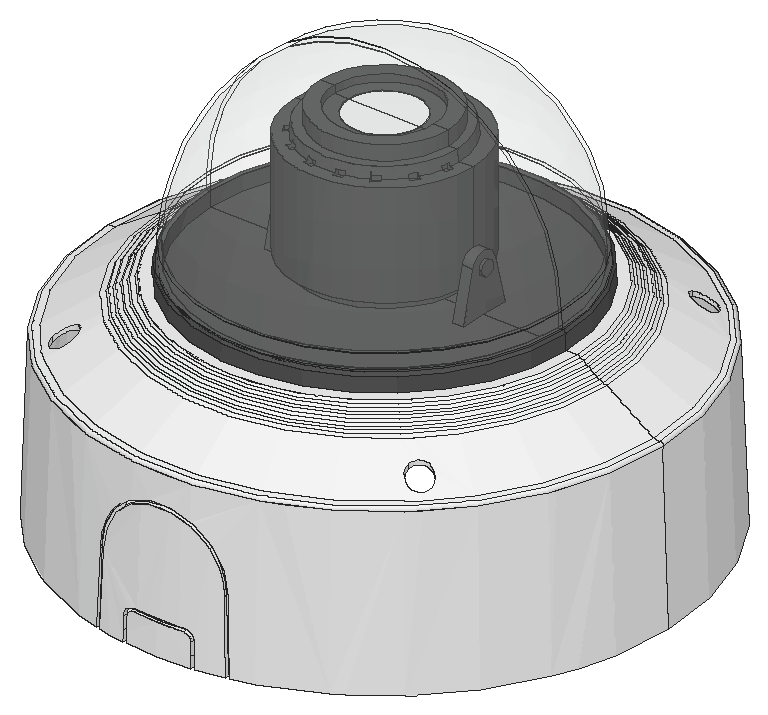
Revit family "Camera-Security-HanwhaTechwin-Dome-Wisenet X-XND-C8083RV_mm", category Security Devices, host Face, Revit 2016
Family settings
  Host = Face
  Maintain Annotation Orientation = Yes
  Part Type = Normal
  Round Connector Dimension = Use Diameter
  OmniClass Number = 23.85.30.17.14
  OmniClass Title = Video Surveillance
  Cut with Voids When Loaded = No
  Shared = No
  Room Calculation Point = No
Parameters (values of type "Standard")
  zz Length 3 [instance] = if(1 = 1, View Distance + 38.887 mm, View Distance + 38.887 mm)  # 952.887 mm
  zz Length 2 [instance] = tan(Field of View Horizontal / 2) * View Distance  # 1357.615 mm
  zz Length 1 [instance] = tan(Field of View Vertical / 2) * View Distance  # 506.638 mm
  zz Angle 4 [instance] = if(1 = 1, Camera Shield Rotation, Camera Shield Rotation)  # 0.00°
  zz Angle 3 [instance] = Camera Tilt + 90.00°  # 90.00°
  zz Angle 2 [instance] = 90.00° - Camera Shield Rotation  # 90.00°
  zz Angle 1 [instance] = if(1 = 1, Camera Base Rotation + 270.00°, Camera Base Rotation + 270.00°)  # 270.00°
  Wide Dynamic Range [instance] = "extremeWDR (120dB)"  # constant formula
  White Balance [instance] = "ATW / Narrow ATW / AWC / Manual / Indoor / Outdoor"  # constant formula
  Webpage Language [instance] = "English, Korean, Chinese, French, Italian, Spanish, German, Japanese, Russian, Swedish,, Portuguese, Czech, Polish, Turkish, Dutch, Greek, Hungarian"  # constant formula
  WarrantyStartDate [instance] = "1900-12-31T23:59:59"
  WarrantyGuarantorParts [instance] = ""
  WarrantyGuarantorLabor [instance] = ""
  WarrantyDurationUnit [instance] = "year"
  WarrantyDurationParts [instance] = ""
  WarrantyDurationLabor [instance] = ""
  WarrantyDescription [instance] = ""
  Voltage [instance] = 12 V
  View Distance [instance] = 914 mm
  Video out [instance] = "USB: Micro USB Type B, 1280x720 for installation"  # constant formula
  Video Rotation [instance] = "Flip, Mirror, Hallway view(90°/270°)"  # constant formula
  Video Compression [instance] = "H.265/H.264: Main/High, MJPEG"  # constant formula
  Version [instance] = "1"
  Unit Conversion [instance] = 1000 mm
  Uniclass2 [instance] = "Pr_60_75_75_86_86"
  URL = "https://www.hanwha-security.com"
  TagNumber [instance] = ""
  SustainabilityPerformance [instance] = ""
  Streaming [instance] = "Unicast(20 users) / Multicast\nMultiple streaming(Up to 10 profiles, 3 virtual channel support)"  # constant formula
  Storage Temperature . Humidity [instance] = "-50°C ~ +60°C(-58°F ~ +140°F) / Less than 90% RH"  # constant formula
  Smart Codec [instance] = "Manual(5ea area), WiseStreamⅡ, WiseStreamⅢ(Based on AI engine)"  # constant formula
  Size [instance] = "Ø160 x 118mm(Ø6.30\" x 4.65\")"
  Shape [instance] = "Dome"
  SerialNumber [instance] = ""
  Security [instance] = "HTTPS(SSL) Login Authentication Digest Login Authentication\nIP Address Filtering User access log\n802.1X Authentication(EAP-TLS, EAP-LEAP, EAP-PEAP MSCHAPv2)\nDevice Certificate(Hanwha Techwin Root CA, pre-installed) Secure by default certificate\nHTPM (Hanwha Trusted platform module) Secure OS/Boot/Storage, Verify firmware forgery\nCyberSecurity assuarance program UL CAP (UL 2900-1)"  # constant formula
  Revision [instance] = ""
  Resolution [instance] = "3328x1872, 3072x1728, 2592x1944, 2688x1520, 1920x1080, 1600x1200, 1280x1024,\n1280x960, 1280x720, 1024x768, 800x600, 800x448, 720x576, 720x480, 640x480,\n640x360, 320x240"  # constant formula
  ReplacementCost [instance] = ""
  Recognize .125PPM 38PPF. [instance] = "Wide: 9.0m(29.4ft) / Tele: 30.3m(99.26ft)"  # constant formula
  RAL Code [instance] = "RAL9003"  # constant formula
  Protocol [instance] = "IPv4, IPv6, TCP/IP, UDP/IP, RTP(UDP), RTP(TCP), RTCP,RTSP, NTP, HTTP, HTTPS, SSL/TLS, DHCP, FTP, SMTP,\nICMP, IGMP, SNMPv1/v2c/v3(MIB-2), ARP, DNS, DDNS, QoS, UPnP, Bonjour, LLDP, SRTP\n(TCP, UDP Unicast)"  # constant formula
  ProductInformation [instance] = ""
  Product dimensions . weight [instance] = "Ø160x118mm(Ø6.30x4.65.), 1350g(2.98 lb)"  # constant formula
  Product Page URL = "https://www.hanwha-security.com/en/products/camera/network/dome/XND-C8083RV/overview/"
  Product Material = Aluminum - HanwhaTechwin - White
  Product Documentation Link = "https://www.hanwha-security.com/en/products/camera/network/dome/XND-C8083RV/download/"
  Privacy Masking [instance] = "32ea, Quadrangle zones\n- Color : Gray, Green, Red, Blue, Black, White\n- Mosaic"  # constant formula
  Power Consumption [instance] = "PoE: Max 12.95W, typical 11.2W 12VDC: Max 13.2W, typical 10.8W"  # constant formula
  Pan. Tilt. Rotate Range [instance] = "0°~360° / -45°~75° / 0°~355°"  # constant formula
  Operating Temperature . Humidity [instance] = "-10 °C ~ 50 °C(14°F ~ +122°F)\n* Maximum temperature : +55°C (intermittent) 0~95% RH(non-condensing)\nHumidity control /w GORE vent"  # constant formula
  Observe .63PPM 19PPF. [instance] = "Wide: 17.9m(58.81ft) / Tele: 60.5m(198.52ft)"  # constant formula
  NominalWidth [instance] = "Ø160mm (Ø6.30\")"
  NominalLength [instance] = "Ø160mm (Ø6.30\")"
  NominalHeight [instance] = "118mm (4.65\")"
  Name [instance] = "XND-C8083RV"
  NBSTypeID [instance] = ""
  NBSReference [instance] = ""
  NBSOfficeMasterTag [instance] = ""
  NBSNote [instance] = ""
  NBSDescription [instance] = ""
  NBSCertification [instance] = ""
  Motion Detection [instance] = "8ea, 8point Polygonal zones"  # constant formula
  ModelReference [instance] = "Hanwha Techwin"
  ModelNumber [instance] = "XND-C8083RV"
  Model = "XND-C8083RV"  # constant formula
  Min. Object Distance [instance] = "0.5m(1.64ft)"  # constant formula
  Min. Illumination [instance] = "Color: 0.04Lux(F1.3, 1/30sec, 30IRE)\nB/W : 0.004Lux(F1.3, 1/30sec, 30IRE), 0Lux(IR LED on)"  # constant formula
  Memory [instance] = "4GB RAM, 512MB Flash"  # constant formula
  Max. Framerate [instance] = "H.265/H.264: Max. 30fps/25fps(60Hz/50Hz) MJPEG: Max. 15fps/12fps(60Hz/50Hz)"  # constant formula
  Max. Aperture Ratio [instance] = "F1.3(Wide) ~ F2.15(Tele)"  # constant formula
  Max Resolution [instance] = 3328
  Material [instance] = "Aluminum"
  ManufacturerURL [instance] = "https://www.hanwha-security.com"
  ManufacturerName [instance] = "HanwhaTechwin"
  Manufacturer = "Hanwha Techwin"  # constant formula
  Lens Type [instance] = "P-iris(IR corrected)"  # constant formula
  LDC [instance] = "Support (Fill/stretch mode)"  # constant formula
  InstallationDate [instance] = "1900-12-31T23:59:59"
  Input Voltage. Current [instance] = "PoE(IEEE802.3af, Class3), 12VDC"  # constant formula
  Imaging Device [instance] = "1/1.8. progressive CMOS"  # constant formula
  Identify .250PPM 76PPF. [instance] = "Wide: 4.5m(14.7ft) / Tele: 15.1m(49.63ft)"  # constant formula
  IR Viewable Length [instance] = "WiseIR 40m(131.23ft)"  # constant formula
  Grade [instance] = ""
  Gain Control [instance] = "Support"  # constant formula
  Focus Control [instance] = "Simple focus, Manual"  # constant formula
  Focal Length Actual [instance] = if(Focal Length > 9.3 mm, 9.3 mm, if(Focal Length < 4.4 mm, 4.4 mm, Focal Length))  # 4.4 mm
  Focal Length .Zoom Ratio. [instance] = "4.4~9.3mm(2.1x) motorized varifocal"  # constant formula
  Focal Length [instance] = 4.4 mm
  FoV Hide Check [instance] = FoV Hide Check
  FoV Cross Check [instance] = FoV Cross Check
  Finish [instance] = ""
  Field of View_Recognize [instance] = Field of View_Recognize
  Field of View_Observe [instance] = Field of View_Observe
  Field of View_Identify [instance] = Field of View_Identify
  Field of View_Detect [instance] = Field of View_Detect
  Field of View is Visible_DORI [instance] = no
  Field of View is Visible [instance] = no
  Field of View Vertical [instance] = 58.00° + (26.60° - 58.00°) / (9.3 mm - 4.4 mm) * (Focal Length Actual - 4.4 mm)  # 58.00°
  Field of View Horizontal [instance] = 112.10° + (47.50° - 112.10°) / (9.3 mm - 4.4 mm) * (Focal Length Actual - 4.4 mm)  # 112.10°
  Field of View Diagonal [instance] = 137.50° + (54.60° - 137.50°) / (9.3 mm - 4.4 mm) * (Focal Length Actual - 4.4 mm)  # 137.50°
  Field of View [instance] = Field of View
  Features [instance] = "• 6MP resolution\r\n• 4.4~9.3mm (2.1x) motorized varifocal\r\n• Color: 0.04 Lux (F1.3, 1/30sec, 30IRE), 0 Lux (IR LED on)\r\n• Maximum 30 fps (H.265/H.264)\r\n• WiseIR: IR viewable length 40m (131.23 ft)\r\n• Day & Night (ICR), extremeWDR (120 dB)\r\n• Hard-coated dome bubble\r\n• WiseNRⅡ(Based on AI engine), WiseStreamⅢ (Based on AI engine)\r\n• DIS with built-in Gyro sensor\r\n• Analytics events based on AI engine (NPU) : Object detection (Person/Face/Vehicle - car, truck, bus, bicycle, motorcycle/License plate),\r\nIVA (Virtual line/Area, Enter/Exit, Loitering, Direction, Intrusion)\r\n• Analytics events : Defocus detection, Motion detection, Tampering, Fog detection\r\nAudio detection, Sound classification, Shock detection, Appear/Disappear\r\n• IP52, IK08"
  ExpectedLife [instance] = ""
  Ethernet [instance] = "Metal shielded RJ-45(10/100BASE-T)"  # constant formula
  Electronic Shutter Speed [instance] = "Minimum / Maximum / Anti flicker (2~1/12,000sec) prefer shutter control(Based on AI engine)"  # constant formula
  Edge Storage [instance] = "Micro SD/SDHC/SDXC 1slot 512GB"  # constant formula
  DurationUnit [instance] = "year"
  Distance Recognize [instance] = 1 / 2 * (Max Resolution / 125) / tan(Field of View Horizontal / 2) * Unit Conversion  # 8962.165 mm
  Distance Observe [instance] = 1 / 2 * (Max Resolution / 62.5) / tan(Field of View Horizontal / 2) * Unit Conversion  # 17924.33 mm
  Distance Identify [instance] = 1 / 2 * (Max Resolution / 250) / tan(Field of View Horizontal / 2) * Unit Conversion  # 4481.083 mm
  Distance Detect [instance] = 1 / 2 * (Max Resolution / 25) / tan(Field of View Horizontal / 2) * Unit Conversion  # 44810.826 mm
  Digital Noise Reduction [instance] = "WiseNRⅡ(Based on AI engine), SSNRⅤ"  # constant formula
  Digital Image Stabilization  [instance] = "Support(built-in gyro sensor)"  # constant formula
  Detect .25PPM 8PPF. [instance] = "Wide: 44.8m(147.02ft) / Tele: 151.3m(496.29ft)"  # constant formula
  Description = "NBS standard template for generic face-based components"  # constant formula
  Defog [instance] = "Support"  # constant formula
  Default Elevation = 1219.2 mm
  Day and Night [instance] = "Auto(ICR)"  # constant formula
  Constituents [instance] = ""
  Color [instance] = "White"
  CodePerformance [instance] = ""
  Certification [instance] = "IP52, IK08"  # constant formula
  Category [instance] = "6MP AI IR Dome Camera"
  Camera Title [instance] = "Displayed up to 85 characters"  # constant formula
  Camera Tilt Desired [instance] = 0.00°
  Camera Tilt [instance] = if(Camera Tilt Desired > 75.00°, 75.00°, if(Camera Tilt Desired < -45.00°, -45.00°, Camera Tilt Desired))  # 0.00°
  Camera Shield Rotation Desired [instance] = 0.00°
  Camera Shield Rotation [instance] = if(Camera Shield Rotation Desired > 355.00°, 355.00°, if(Camera Shield Rotation Desired < 0.00°, 0.00°, Camera Shield Rotation Desired))  # 0.00°
  Camera Base Rotation Desired [instance] = 0.00°
  Camera Base Rotation [instance] = if(Camera Base Rotation Desired > 360.00°, 360.00°, if(Camera Base Rotation Desired < 0.00°, 0.00°, Camera Base Rotation Desired))  # 0.00°
  Business Intelligence [instance] = "Based on AI engine : People counting, Queue management, Heatmap"  # constant formula
  Bitrate Control [instance] = "H.264/H.265: CBR or VBR MJPEG: VBR"  # constant formula
  Base Vertical Length [instance] = 5 mm
  Base Horizontal Length [instance] = 5 mm
  BarCode [instance] = ""
  Backlight Compensation [instance] = "BLC, HLC, WDR, SSDR"  # constant formula
  Author [instance] = ""
  Audio out [instance] = "Line out, Max.output level: 1Vrms"  # constant formula
  Audio In [instance] = "Selectable(mic in/line in)\nSupply voltage: 2.5VDC(4mA), Input impedance: 2K Ohm"  # constant formula
  Audio Compression [instance] = "G.711 u-law /G.726 Selectable G.726(ADPCM) 8KHz, G.711 8KHz\nG.726: 16Kbps, 24Kbps, 32Kbps, 40Kbps AAC-LC: 48Kbps at 16KHz"  # constant formula
  AssetType [instance] = "Fixed"
  AssetIdentifier [instance] = ""
  Application Programming Interface [instance] = "ONVIF Profile S/G/T SUNAPI(HTTP API)\nWisenet open platform"  # constant formula
  Angular Field of View [instance] = "H : 112.1°(Wide)~47.5°(Tele) V : 58.0°(Wide)~26.6°(Tele) D : 137.5°(Wide)~54.6°(Tele)"  # constant formula
  Analytics [instance] = "- Analytics events based on AI engine : Object detection (Person/Face/Vehicle(car/bus/truck/motorcycle/bicycle)/License plate), IVA (Virtual line/Area, Enter/Exit, Loitering, direction, Appear/Disappear, intrusion)\n- Analytics events : Defocus detection, Motion detection, Tampering, Fog detection, Audio detection, Sound classification, Shock detection"  # constant formula
  Alarm Triggers [instance] = "Analytics, Network disconnect, Alarm input, App event, Time schedule"  # constant formula
  Alarm I.O [instance] = "2 configurable I/O ports"  # constant formula
  Alarm Events [instance] = "When alarm trigger occurred\n- File upload(image) : e-mail/FTP\n- Notification : e-mail\n- Recording : SD/SDHC/SDXC or NAS recording at event triggers\n- Alarm output\n- Handover(PTZ preset, Send message by HTTP/HTTPS/TCP)\n- Audio clip playback"  # constant formula
  AccessibilityPerformance [instance] = ""
Reference planes
  plane 1 "Center (Front/Back)": y = 0
  plane 2: z = 0
  plane 3 "Center (Left/Right)": x = 0
  plane 4: z = 0
  plane 5 "A": z = 73
  plane 6: x = -80
  plane 7: x = 80
  plane 8: z = 118
  plane 9: x = -50
  plane 10: x = 50
  plane 11: z = 60
  plane 12: y = 25
  plane 13: z = 104
  plane 14: z = 73
  plane 15: z = 102
  plane 16: y = 80
  plane 17: y = -80
  plane 18: y = 50
  plane 19: y = -50
  plane 20: z = 65
  plane 21: z = 46.656
Forms (mm)
  Revolve 1, solid, material "Aluminum - HanwhaTechwin - White" <- "Product Material", detail levels fine
    sketch origin (0, 0, 0) x (1, 0, 0) y (0, 0, 1)
      loop
        line (-62.533, 54.98) -> (-75.88, 46.656) -> (-77.579, 46.351)
        arc (-77.579, 46.351) -> (-78.166, 46.025) -> (-78.415, 45.4) r 1
        line (-78.415, 45.4) -> (-80, 0) -> (0, 0) -> (0, 1) -> (-78.964, 1) -> (-77.415, 45.365) -> (-75.514, 45.706) -> (-54.198, 59) -> (-50.14, 59) -> (-50.14, 60) -> (-54.356, 60) -> (-55.012, 59.424) -> (-55.947, 59.023) -> (-56.624, 58.418) -> (-57.482, 58.05) -> (-58.111, 57.504) -> (-59.185, 57.011) -> (-59.847, 56.406) -> (-60.698, 56.074) -> (-61.334, 55.492) -> (-62.533, 54.98)
      axis (0, 60) -> (0, 0)
    angle from 0 to 360
  Extrusion 2, void, detail levels fine
    sketch origin (0, 0, 0) x (1, 0, 0) y (0, 0, 1)
      loop
        line (-18, 20) -> (-18.698, 0) -> (-17.698, 0) -> (-17, 19.979)
        arc (-17, 19.979) -> (-0.007, 36.993) -> (17, 19.993) r 17
        line (17, 19.993) -> (17.698, 0) -> (18.698, 0) -> (18, 20)
        arc (18, 20) -> (0, 38) -> (-18, 20) r 18
      loop
        line (-9.983, 3) -> (-10, 0) -> (-9, 0) -> (-8.983, 2.997) -> (-8.983, 6.5)
        arc (-8.983, 6.5) -> (-8.402, 7.902) -> (-7, 8.483) r 1.983
        line (-7, 8.483) -> (0.423, 8.483) -> (7, 8.483)
        arc (7, 8.483) -> (8.402, 7.902) -> (8.983, 6.5) r 1.983
        line (8.983, 6.5) -> (8.983, 2.997) -> (9, 0) -> (10, 0) -> (9.983, 3) -> (9.983, 6.5)
        arc (9.983, 6.5) -> (9.109, 8.609) -> (7, 9.483) r 2.983
        line (7, 9.483) -> (0.423, 9.483) -> (-7, 9.483)
        arc (-7, 9.483) -> (-9.109, 8.609) -> (-9.983, 6.5) r 2.983
        line (-9.983, 6.5) -> (-9.983, 3)
    from 77.019 to 81.111
  Extrusion 3, void
    sketch origin (0, 0, 0) x (1, 0, 0) y (0, 1, 0)
      loop
        circle (-50.028, 50.028) r 3.505
      loop
        circle (50.028, 50.028) r 3.505
      loop
        circle (-50.028, -50.028) r 3.505
      loop
        circle (50.028, -50.028) r 3.505
    from 65 to 25
  Revolve 4, solid, material "Aluminum - HanwhaTechwin - Black", detail levels fine
    sketch origin (0, 0, 73) x (0, 0, 1) y (-1, 0, 0)
      loop
        line (-8, 0) -> (28, 0) -> (28, 10) -> (29, 10) -> (29, 14) -> (31, 14) -> (31, 18) -> (27, 18) -> (27, 20.571) -> (24, 21) -> (24, 25) -> (-5, 25) -> (-5, 22) -> (-8, 22) -> (-8, 0)
      axis (31, 0) -> (-8, 0)
    angle from 0 to 360
  Revolve 5, solid, material "Plastic - HanwhaTechwin - Sun-Shield"
    sketch origin (0, 0, 73) x (0, 0, 1) y (-1, 0, 0)
      loop
        line (28, 10) -> (28, 0) -> (29, 0) -> (29, 10) -> (28, 10)
      axis (29, 0) -> (28, 0)
    angle from 0 to 360
  Revolve 6, solid, material "Aluminum - HanwhaTechwin - Black", detail levels fine
    sketch origin (0, 0, 0) x (1, 0, 0) y (0, 0, 1)
      loop
        line (-49, 65) -> (-50.466, 65) -> (-50.968, 64.062) -> (-51.14, 60) -> (0, 60) -> (0, 61) -> (-49, 61) -> (-49, 65)
      axis (0, 65) -> (0, 60)
    angle from 0 to 360
  Revolve 7, solid, material "Glass - HanwhaTechwin - Clear"
    sketch origin (0, 0, 0) x (1, 0, 0) y (0, 0, 1)
      loop
        line (-50.096, 65) -> (-49, 65) -> (-49, 69.298)
        arc (-49, 69.298) -> (-34.254, 103.168) -> (0, 117) r 48.797
        line (0, 117) -> (0, 118)
        arc (0, 118) -> (-34.957, 103.879) -> (-50, 69.309) r 49.797
        line (-50, 69.309) -> (-50.096, 65)
      axis (0, 118) -> (0, 65)
    angle from 0 to 360
  Extrusion 8, solid, material "Aluminum - HanwhaTechwin - Black"
    sketch origin (0, 0, 73) x (0, -1, 0) y (0, 0, 1)
      loop
        line (-3.872, 1.003) -> (-7.241, -12) -> (0, -12) -> (7.241, -12) -> (3.872, 1.003)
        arc (3.872, 1.003) -> (0, 4) -> (-3.872, 1.003) r 4
      loop
        circle (0, 0) r 2
    from -28 to -25
  Extrusion 9, solid, material "Aluminum - HanwhaTechwin - Black"
    sketch origin (-28, 0, 73) x (0, -1, 0) y (0, 0, 1)
      loop
        circle (0, 0) r 2
    from 1 to -3
  Extrusion 10, solid, material "Aluminum - HanwhaTechwin - Black"
    sketch origin (28, 0, 73) x (0, 1, 0) y (0, 0, 1)
      loop
        circle (0, 0) r 2
    from 1 to -3
  Extrusion 11, solid, material "Aluminum - HanwhaTechwin - Black"
    sketch origin (0, 0, 73) x (0, -1, 0) y (0, 0, 1)
      loop
        line (-3.872, 1.003) -> (-7.241, -12) -> (0, -12) -> (7.241, -12) -> (3.872, 1.003)
        arc (3.872, 1.003) -> (0, 4) -> (-3.872, 1.003) r 4
      loop
        circle (0, 0) r 2
    from 28 to 25
  Extrusion 12, void
    sketch origin (0, 0, 73) x (1, 0, 0) y (0, 1, 0)
      loop
        line (-5.079, -19.126) -> (-5.567, -21.578) -> (-3.115, -22.065) -> (-2.627, -19.613) -> (-5.079, -19.126)
      loop
        line (-12.011, -15.726) -> (-13.4, -17.805) -> (-11.322, -19.194) -> (-9.933, -17.115) -> (-12.011, -15.726)
      loop
        line (-17.123, -9.919) -> (-19.203, -11.306) -> (-17.816, -13.386) -> (-15.736, -11.999) -> (-17.123, -9.919)
      loop
        line (-19.617, -2.6) -> (-22.07, -3.084) -> (-21.585, -5.537) -> (-19.133, -5.053) -> (-19.617, -2.6)
      loop
        line (5.079, -19.126) -> (2.627, -19.613) -> (3.115, -22.065) -> (5.567, -21.578) -> (5.079, -19.126)
      loop
        line (12.011, -15.726) -> (9.933, -17.115) -> (11.322, -19.194) -> (13.4, -17.805) -> (12.011, -15.726)
      loop
        line (17.123, -9.919) -> (15.736, -11.999) -> (17.816, -13.386) -> (19.203, -11.306) -> (17.123, -9.919)
      loop
        line (19.617, -2.6) -> (19.133, -5.053) -> (21.585, -5.537) -> (22.07, -3.084) -> (19.617, -2.6)
    from 25 to 23
  Extrusion 13, void
    sketch origin (0, 0, 0) x (1, 0, 0) y (0, 1, 0)
      loop
        circle (-19.635, 54.264) r 12.43
      loop
        circle (19.69, 54.264) r 12.43
      loop
        circle (-19.635, -54.264) r 12.43
      loop
        circle (19.69, -54.264) r 12.43
      loop
        arc (2.545, -40) -> (0.027, -37.483) -> (-2.49, -40) r 2.517
        line (-2.49, -40) -> (-2.49, -45)
        arc (-2.49, -45) -> (0.027, -47.518) -> (2.545, -45) r 2.517
        line (2.545, -45) -> (2.545, -40)
      loop
        arc (-30.557, -28.025) -> (-34.114, -27.87) -> (-34.269, -31.427) r 2.517
        arc (-34.269, -31.427) -> (-32.865, -32.893) -> (-31.399, -34.296) r 46.517
        arc (-31.399, -34.296) -> (-27.842, -34.141) -> (-27.998, -30.584) r 2.517
        arc (-27.998, -30.584) -> (-29.305, -29.333) -> (-30.557, -28.025) r 41.483
      loop
        arc (-40.43, -20.04) -> (-43.803, -18.901) -> (-44.942, -22.274) r 2.517
        arc (-44.942, -22.274) -> (-43.928, -24.215) -> (-42.83, -26.109) r 50.184
        arc (-42.83, -26.109) -> (-39.37, -26.949) -> (-38.53, -23.489) r 2.517
        arc (-38.53, -23.489) -> (-39.518, -21.785) -> (-40.43, -20.04) r 45.149
      loop
        line (-39.972, 2.517) -> (-44.972, 2.517)
        arc (-44.972, 2.517) -> (-47.49, 0) -> (-44.972, -2.517) r 2.517
        line (-44.972, -2.517) -> (-39.972, -2.517)
        arc (-39.972, -2.517) -> (-37.455, 0) -> (-39.972, 2.517) r 2.517
      loop
        arc (-38.53, 23.489) -> (-39.37, 26.949) -> (-42.83, 26.109) r 2.517
        arc (-42.83, 26.109) -> (-43.928, 24.215) -> (-44.942, 22.275) r 50.184
        arc (-44.942, 22.275) -> (-43.803, 18.902) -> (-40.43, 20.04) r 2.517
        arc (-40.43, 20.04) -> (-39.518, 21.785) -> (-38.53, 23.489) r 45.149
      loop
        arc (-27.998, 30.584) -> (-27.842, 34.141) -> (-31.399, 34.296) r 2.517
        arc (-31.399, 34.296) -> (-32.865, 32.893) -> (-34.269, 31.427) r 46.517
        arc (-34.269, 31.427) -> (-34.114, 27.87) -> (-30.557, 28.025) r 2.517
        arc (-30.557, 28.025) -> (-29.305, 29.333) -> (-27.998, 30.584) r 41.483
      loop
        line (2.545, 40) -> (2.545, 45)
        arc (2.545, 45) -> (0.027, 47.518) -> (-2.49, 45) r 2.517
        line (-2.49, 45) -> (-2.49, 40)
        arc (-2.49, 40) -> (0.027, 37.482) -> (2.545, 40) r 2.517
      loop
        arc (28.053, 30.584) -> (29.36, 29.333) -> (30.612, 28.025) r 41.483
        arc (30.612, 28.025) -> (34.168, 27.87) -> (34.324, 31.427) r 2.517
        arc (34.324, 31.427) -> (32.92, 32.893) -> (31.454, 34.296) r 46.517
        arc (31.454, 34.296) -> (27.897, 34.141) -> (28.053, 30.584) r 2.517
      loop
        arc (44.997, 22.275) -> (43.982, 24.215) -> (42.885, 26.109) r 50.184
        arc (42.885, 26.109) -> (39.425, 26.949) -> (38.585, 23.489) r 2.517
        arc (38.585, 23.489) -> (39.572, 21.785) -> (40.485, 20.04) r 45.149
        arc (40.485, 20.04) -> (43.858, 18.902) -> (44.997, 22.275) r 2.517
      loop
        arc (39.052, 42.588) -> (40.872, 40.845) -> (42.615, 39.024) r 57.763
        arc (42.615, 39.024) -> (46.172, 38.869) -> (46.327, 42.426) r 2.517
        arc (46.327, 42.426) -> (44.433, 44.405) -> (42.453, 46.3) r 62.798
        arc (42.453, 46.3) -> (38.897, 46.144) -> (39.052, 42.588) r 2.517
      loop
        line (45.028, 2.517) -> (40.028, 2.517)
        arc (40.028, 2.517) -> (37.51, 0) -> (40.028, -2.517) r 2.517
        line (40.028, -2.517) -> (45.028, -2.517)
        arc (45.028, -2.517) -> (47.545, 0) -> (45.028, 2.517) r 2.517
      loop
        arc (57.215, 8.037) -> (57.777, 0) -> (57.215, -8.037) r 57.75
        arc (57.215, -8.037) -> (59.343, -10.861) -> (62.167, -8.733) r 2.5
        arc (62.167, -8.733) -> (62.777, 0) -> (62.167, 8.733) r 62.75
        arc (62.167, 8.733) -> (59.343, 10.861) -> (57.215, 8.037) r 2.5
      loop
        arc (40.485, -20.039) -> (39.572, -21.785) -> (38.584, -23.49) r 45.149
        arc (38.584, -23.49) -> (39.424, -26.95) -> (42.884, -26.11) r 2.517
        arc (42.884, -26.11) -> (43.982, -24.215) -> (44.997, -22.274) r 50.184
        arc (44.997, -22.274) -> (43.858, -18.901) -> (40.485, -20.039) r 2.517
      loop
        arc (30.612, -28.025) -> (29.36, -29.333) -> (28.053, -30.584) r 41.483
        arc (28.053, -30.584) -> (27.897, -34.141) -> (31.454, -34.296) r 2.517
        arc (31.454, -34.296) -> (32.92, -32.893) -> (34.324, -31.427) r 46.517
        arc (34.324, -31.427) -> (34.168, -27.87) -> (30.612, -28.025) r 2.517
      loop
        arc (46.327, -42.426) -> (46.172, -38.869) -> (42.615, -39.024) r 2.517
        arc (42.615, -39.024) -> (40.872, -40.845) -> (39.052, -42.588) r 57.763
        arc (39.052, -42.588) -> (38.897, -46.144) -> (42.453, -46.3) r 2.517
        arc (42.453, -46.3) -> (44.433, -44.405) -> (46.327, -42.426) r 62.798
      loop
        arc (-38.997, -42.588) -> (-40.817, -40.845) -> (-42.56, -39.024) r 57.763
        arc (-42.56, -39.024) -> (-46.117, -38.869) -> (-46.272, -42.426) r 2.517
        arc (-46.272, -42.426) -> (-44.378, -44.405) -> (-42.399, -46.3) r 62.798
        arc (-42.399, -46.3) -> (-38.842, -46.144) -> (-38.997, -42.588) r 2.517
      loop
        arc (-57.161, -8.037) -> (-57.723, 0) -> (-57.161, 8.037) r 57.75
        arc (-57.161, 8.037) -> (-59.288, 10.861) -> (-62.112, 8.733) r 2.5
        arc (-62.112, 8.733) -> (-62.723, 0) -> (-62.112, -8.733) r 62.75
        arc (-62.112, -8.733) -> (-59.288, -10.861) -> (-57.161, -8.037) r 2.5
      loop
        arc (-42.56, 39.024) -> (-40.817, 40.845) -> (-38.997, 42.588) r 57.763
        arc (-38.997, 42.588) -> (-38.842, 46.144) -> (-42.399, 46.3) r 2.517
        arc (-42.399, 46.3) -> (-44.378, 44.405) -> (-46.272, 42.426) r 62.798
        arc (-46.272, 42.426) -> (-46.117, 38.869) -> (-42.56, 39.024) r 2.517
      loop
        arc (-25.005, 0) -> (-17.919, -18.838) -> (0, -28.003) r 27.893
        arc (0, -28.003) -> (17.919, -18.838) -> (25.005, 0) r 27.893
        arc (25.005, 0) -> (17.919, 18.838) -> (0, 28.003) r 27.893
        arc (0, 28.003) -> (-17.919, 18.838) -> (-25.005, 0) r 27.893
    from 2.746 to -2.759
  Revolve 14, solid, material "Aluminum - HanwhaTechwin - White" <- "Product Material", detail levels coarse+medium
    sketch origin (0, 0, 0) x (1, 0, 0) y (0, 0, 1)
      loop
        line (-80, 46.656) -> (-80, 0) -> (0, 0) -> (0, 60) -> (-54.356, 60) -> (-62.533, 54.98) -> (-75.88, 46.656) -> (-80, 46.656)
      axis (0, 60) -> (0, 0)
    angle from 0 to 360
  Revolve 15, solid, material "Aluminum - HanwhaTechwin - Black", detail levels coarse+medium
    sketch origin (0, 0, 0) x (1, 0, 0) y (0, 0, 1)
      loop
        line (-51.14, 60) -> (0, 60) -> (0, 61) -> (-49, 61) -> (-49, 65) -> (-51.14, 65) -> (-51.14, 60)
      axis (0, 65) -> (0, 60)
    angle from 0 to 360
  Revolve 16, solid, material "Aluminum - HanwhaTechwin - Black", detail levels coarse+medium
    sketch origin (0, 0, 73) x (0, 0, 1) y (-1, 0, 0)
      loop
        line (28, 0) -> (28, 10) -> (29, 10) -> (29, 14) -> (31, 14) -> (31, 18) -> (27, 18) -> (27, 21) -> (24, 21) -> (24, 25) -> (-5, 25) -> (-5, 22) -> (-8, 22) -> (-8, 0) -> (28, 0)
      axis (31, 0) -> (-8, 0)
    angle from 0 to 360
Cuts and joins
  Extrusion 2, Extrusion 3, Extrusion 13 cuts Revolve 1
  Extrusion 12 cuts Revolve 4
Lines and regions (mm)
  reference lines
    curve 1: line (0, 0, 73) -> (0, -31.75, 73)
    curve 2: line (0, 0, 73) -> (0, 0, 102)
    curve 3: line (0, 0, 102) -> (40.695, 0, 102)
    curve 4: line (0, 0, 73) -> (40.695, 0, 73)
    curve 5: line (0, 0, 102) -> (37.949, 0, 102)
    curve 6: line (0, 0, 102) -> (0, -12.284, 102)
    curve 7: line (0.027, 0, 102) -> (-12.673, 0, 102)
Dimensions and locks
  locked: curve 5 to curve 5
  locked: curve 2 to curve 5 at 0
  locked: curve 1 to curve 2 at 0
  equal spacing: plane 7, plane 3 "Center (Left/Right)", plane 6
  plane 7 to plane 6 = 160 mm
  plane 8 to level = 118 mm
  equal spacing: plane 10, plane 3 "Center (Left/Right)", plane 9
  plane 10 to plane 9 = 100 mm
  plane 8 to plane 11 to level = 58 mm, 60 mm
  plane 8 to host face = 118 mm
  plane 16 to plane 1 "Center (Front/Back)" to plane 17 = 80 mm, 80 mm
  plane 16 to plane 17 = 160 mm
  plane 18 to plane 1 "Center (Front/Back)" to plane 19 = 50 mm, 50 mm
  plane 18 to plane 19 = 100 mm
  plane 19 to plane 17 = 30 mm
  plane 16 to plane 18 = 30 mm
  plane 9 to plane 6 = 30 mm
  plane 10 to plane 7 = 30 mm  (x2)
  plane 8 to plane 11 to host face = 58 mm, 60 mm
  equal spacing: plane 17, plane 1 "Center (Front/Back)", plane 16
  plane 17 to plane 16 = 160 mm
  equal spacing: plane 9, plane 3 "Center (Left/Right)", plane 10
  plane 9 to plane 10 = 100 mm
  plane 6 to plane 9 = 30 mm
  plane 6 to plane 7 = 160 mm
  equal spacing: plane 6, plane 3 "Center (Left/Right)", plane 7
  locked: Revolve 7 sketch curve to Revolve 7 sketch curve at 1.096
  locked: Revolve 7 sketch curve to Revolve 7 sketch curve at 1
  locked: Revolve 6 sketch curve to Revolve 15 at 5
  equal spacing: Revolve 6 sketch curve, Revolve 6 sketch curve, Revolve 6 sketch curve
  locked: Revolve 6 sketch curve to Revolve 6 sketch curve at 51.14
  Revolve 6 sketch curve to Revolve 6 sketch curve to Revolve 6 sketch curve = 4 mm locked, 1 mm locked
  Revolve 15 sketch curve to Revolve 15 sketch curve to Revolve 15 sketch curve = 49 mm locked, 2.14 mm locked
  Revolve 15 sketch curve to Revolve 15 sketch curve = 51.14 mm
  locked: Revolve 15 sketch curve to Revolve 15 sketch curve at 5
  equal spacing: Revolve 15 sketch curve, Revolve 15 sketch curve, Revolve 15 sketch curve
  locked: cut or joined group of Revolve 1, Extrusion 2, Extrusion 3, Extrusion 13 to Revolve 14 sketch curve at 60
  Revolve 14 sketch curve to Revolve 14 sketch curve to Revolve 14 sketch curve = 13.344 mm locked, 46.656 mm locked
  Revolve 14 sketch curve to Revolve 14 sketch curve = 80 mm
  Revolve 14 sketch curve to Revolve 14 sketch curve to Revolve 14 sketch curve to Revolve 14 sketch curve = 4.12 mm locked, 21.524 mm locked, 54.356 mm locked
  locked: Revolve 1 sketch curve to Revolve 1 sketch curve at 1
  locked: Revolve 1 sketch curve to Revolve 1 sketch curve at 80
  Revolve 1 sketch curve to Revolve 1 sketch curve to Revolve 1 sketch curve = 1.585 mm locked, 28.274 mm locked
  locked: Revolve 1 sketch curve to Revolve 1 sketch curve at 60
  equal spacing: Revolve 16 sketch curve, Revolve 16 sketch curve, Revolve 16 sketch curve, Revolve 16 sketch curve
  Revolve 16 sketch curve to Revolve 16 sketch curve to Revolve 16 sketch curve to Revolve 16 sketch curve to Revolve 16 sketch curve = 4 mm locked, 3 mm locked, 4 mm locked, 14 mm locked
  Revolve 16 sketch curve to Revolve 16 sketch curve to Revolve 16 sketch curve to Revolve 16 sketch curve to Revolve 16 sketch curve = 4 mm locked, 3 mm locked, 29 mm locked, 3 mm locked
  Revolve 16 sketch curve to Revolve 16 sketch curve = 25 mm
  Revolve 4 sketch curve to Revolve 4 sketch curve = 25 mm
  Revolve 4 sketch curve to Revolve 4 sketch curve to Revolve 4 sketch curve = 7 mm locked, 18 mm locked
  equal spacing: Revolve 4 sketch curve, Revolve 4 sketch curve, Revolve 4 sketch curve, Revolve 4 sketch curve
  locked: Revolve 4 sketch curve to Revolve 4 sketch curve at 39
  locked: Revolve 5 sketch curve to Revolve 5 sketch curve at 10
  locked: Revolve 5 sketch curve to Revolve 5 sketch curve at 1
  locked: Extrusion 8 sketch curve to Extrusion 8 sketch curve at 14.482
  locked: Extrusion 8 sketch curve to Extrusion 11 at 16
  radius of Revolve 7 sketch curve = 49.797 mm
  radius of Revolve 7 sketch curve = 48.797 mm
  radius of Extrusion 8 sketch curve = 2 mm
  radius of Extrusion 8 sketch curve = 4 mm
  diameter of Extrusion 9 sketch curve = 4 mm
  "zz Angle 1": angle curve 1 to plane 1 "Center (Front/Back)"
  "zz Angle 3": angle curve 1 to curve 2
  "zz Angle 4": angle curve 3 to curve 5
  "zz Angle 2": angle curve 6 to curve 3
  aligned and locked: plane 2 to host face
  aligned and locked: level to host face
  aligned and locked: plane 1 "Center (Front/Back)" to curve 1
  aligned and locked: plane 3 "Center (Left/Right)" to curve 1
Automatic sketch dimensions
  host sketch curve to host sketch curve = 230.834 mm
  host sketch curve to host sketch curve = 278.22 mm
  curve 4 to curve 2 = 0 mm  (x2)
  curve 3 to curve 2 = 0 mm  (x2)
  curve 3 to curve 2 = 40.695 mm
  curve 4 to curve 2 = 40.695 mm
  curve 7 to curve 6 = 0 mm
  curve 7 to curve 6 = 12.673 mm
  curve 6 to curve 7 = 0.027 mm
  Extrusion 2 sketch curve to Extrusion 2 sketch curve = 0 mm  (x4)
  Extrusion 2 sketch curve to level = 0 mm  (x4)
  Extrusion 2 sketch curve to plane 3 "Center (Left/Right)" = 0 mm  (x2)
  Extrusion 2 sketch curve to plane 3 "Center (Left/Right)" = 7 mm
  Extrusion 2 sketch curve to Extrusion 2 sketch curve = 1.983 mm  (x2)
  Extrusion 2 sketch curve to Extrusion 2 sketch curve = 0.018 mm  (x2)
  Extrusion 2 sketch curve to Extrusion 2 sketch curve = 1 mm  (x5)
  Extrusion 2 sketch curve to Extrusion 2 sketch curve = 10 mm
  Extrusion 2 sketch curve to Extrusion 2 sketch curve = 7.698 mm  (x2)
  Extrusion 2 sketch curve to Extrusion 2 sketch curve = 1.001 mm  (x2)
  plane 3 "Center (Left/Right)" to Extrusion 2 sketch curve = 0.423 mm  (x2)
  Extrusion 2 sketch curve to Extrusion 2 sketch curve = 6.577 mm
  level to Extrusion 2 sketch curve = 2.997 mm  (x2)
  Extrusion 2 sketch curve to Extrusion 2 sketch curve = 0.003 mm  (x2)
  Extrusion 2 sketch curve to Extrusion 2 sketch curve = 3.503 mm
  Extrusion 2 sketch curve to Extrusion 2 sketch curve = 10.497 mm
  Extrusion 2 sketch curve to Extrusion 2 sketch curve = 0.007 mm
  Revolve 1 sketch curve to plane 3 "Center (Left/Right)" = 0 mm
  Revolve 1 sketch curve to Revolve 1 sketch curve = 0.836 mm
  Revolve 1 sketch curve to Revolve 1 sketch curve = 0.999 mm
  Revolve 1 sketch curve to Revolve 1 sketch curve = 0 mm  (x2)
  Revolve 1 sketch curve to Revolve 1 sketch curve = 1.699 mm
  Revolve 1 sketch curve to Revolve 1 sketch curve = 0.366 mm
  Revolve 1 sketch curve to plane 11 = 5.02 mm
  Revolve 1 sketch curve to plane 9 = 12.533 mm
  Revolve 1 sketch curve to plane 11 = 4.508 mm
  Revolve 1 sketch curve to Revolve 1 sketch curve = 1.199 mm
  Revolve 1 sketch curve to plane 11 = 3.594 mm
  Revolve 1 sketch curve to Revolve 1 sketch curve = 1.487 mm
  Revolve 1 sketch curve to plane 11 = 2.989 mm
  Revolve 1 sketch curve to Revolve 1 sketch curve = 0.662 mm
  Revolve 1 sketch curve to plane 11 = 2.496 mm
  Revolve 1 sketch curve to Revolve 1 sketch curve = 1.075 mm
  Revolve 1 sketch curve to plane 11 = 1.95 mm
  Revolve 1 sketch curve to Revolve 1 sketch curve = 0.628 mm
  Revolve 1 sketch curve to plane 11 = 1.582 mm
  Revolve 1 sketch curve to Revolve 1 sketch curve = 0.859 mm
  Revolve 1 sketch curve to plane 11 = 0.977 mm
  Revolve 1 sketch curve to Revolve 1 sketch curve = 0.677 mm
  Revolve 1 sketch curve to plane 11 = 0.576 mm
  Revolve 1 sketch curve to Revolve 1 sketch curve = 0.935 mm
  Revolve 1 sketch curve to Revolve 1 sketch curve = 0.814 mm
  Revolve 1 sketch curve to plane 11 = 14.635 mm
  Revolve 1 sketch curve to Revolve 1 sketch curve = 0.035 mm
  Revolve 1 sketch curve to Revolve 1 sketch curve = 0.341 mm
  Revolve 1 sketch curve to Revolve 1 sketch curve = 0.95 mm
  Revolve 1 sketch curve to plane 11 = 1 mm
  Revolve 1 sketch curve to plane 11 = 3.926 mm
  Revolve 1 sketch curve to Revolve 1 sketch curve = 0.636 mm
  Revolve 1 sketch curve to Revolve 1 sketch curve = 0.656 mm
  plane 8 to Revolve 1 sketch curve = 82.968 mm
  curve 2 to Revolve 5 sketch curve = 0 mm
  Revolve 5 sketch curve to curve 2 = 0 mm  (x2)
  Revolve 5 sketch curve to curve 2 = 28.671 mm
  Revolve 5 sketch curve to Revolve 5 sketch curve = 11 mm
  Revolve 7 sketch curve to plane 9 = 0 mm
  Revolve 7 sketch curve to plane 8 = 0 mm
  Revolve 7 sketch curve to Revolve 7 sketch curve = 4.309 mm
  Revolve 7 sketch curve to Revolve 7 sketch curve = 0 mm  (x2)
  Revolve 7 sketch curve to Revolve 7 sketch curve = 0.011 mm
  Revolve 7 sketch curve to plane 3 "Center (Left/Right)" = 0 mm  (x2)
  Extrusion 8 sketch curve to Extrusion 8 sketch curve = 0 mm  (x2)
  Extrusion 8 sketch curve to curve 1 = 0 mm  (x3)
  Extrusion 8 sketch curve to curve 1 = 1.003 mm  (x2)
  Extrusion 8 sketch curve to curve 1 = 7.241 mm
  Extrusion 11 sketch curve to Extrusion 11 sketch curve = 0 mm  (x6)
  Extrusion 11 sketch curve to curve 1 = 0 mm  (x3)
  Extrusion 11 sketch curve to curve 1 = 12 mm
  Extrusion 11 sketch curve to curve 1 = 1.003 mm  (x2)
  Extrusion 11 sketch curve to curve 1 = 3.872 mm
  Extrusion 11 sketch curve to curve 1 = 7.241 mm
  Extrusion 11 sketch curve to Extrusion 11 sketch curve = 7.241 mm
  Extrusion 11 sketch curve to curve 1 = 0.347 mm
  curve 1 to Extrusion 11 sketch curve = 0.347 mm
  Extrusion 11 sketch curve to curve 1 = 1.97 mm
  Revolve 6 sketch curve to plane 3 "Center (Left/Right)" = 0 mm  (x2)
  Revolve 6 sketch curve to plane 9 = 0.466 mm
  Revolve 6 sketch curve to plane 9 = 0.968 mm
  Revolve 6 sketch curve to Revolve 6 sketch curve = 0.938 mm
  level to Revolve 6 sketch curve = 1.766 mm
  plane 8 to Revolve 6 sketch curve = 7.566 mm
  curve 2 to Revolve 4 sketch curve = 0 mm  (x2)
  Revolve 4 sketch curve to curve 2 = 0 mm
  curve 2 to Revolve 4 sketch curve = 10 mm
  curve 2 to Revolve 4 sketch curve = 14 mm
  Revolve 4 sketch curve to Revolve 4 sketch curve = 3 mm  (x2)
  Revolve 4 sketch curve to curve 2 = 2 mm
  curve 2 to Revolve 4 sketch curve = 22 mm
  Revolve 4 sketch curve to Revolve 4 sketch curve = 4 mm
  Revolve 4 sketch curve to Revolve 4 sketch curve = 35.261 mm
  curve 2 to Revolve 4 sketch curve = 24.182 mm
  Revolve 4 sketch curve to Revolve 4 sketch curve = 0.429 mm
  Extrusion 12 sketch curve to Extrusion 12 sketch curve = 0 mm
  Extrusion 12 sketch curve to Extrusion 12 sketch curve = 0.488 mm  (x4)
  Extrusion 12 sketch curve to Extrusion 12 sketch curve = 2.384 mm  (x2)
  Extrusion 12 sketch curve to Extrusion 12 sketch curve = 1.389 mm  (x4)
  Extrusion 12 sketch curve to Extrusion 12 sketch curve = 2.079 mm  (x2)
  Extrusion 12 sketch curve to Extrusion 12 sketch curve = 4.419 mm  (x2)
  Extrusion 12 sketch curve to Extrusion 12 sketch curve = 1.387 mm  (x4)
  Extrusion 12 sketch curve to Extrusion 12 sketch curve = 2.08 mm  (x2)
  Extrusion 12 sketch curve to Extrusion 12 sketch curve = 0.484 mm  (x4)
  Extrusion 12 sketch curve to Extrusion 12 sketch curve = 2.453 mm  (x2)
  Extrusion 12 sketch curve to Extrusion 12 sketch curve = 4.854 mm  (x2)
  Extrusion 12 sketch curve to Extrusion 12 sketch curve = 3.725 mm  (x2)
  Extrusion 12 sketch curve to Extrusion 12 sketch curve = 2.01 mm  (x2)
  Extrusion 12 sketch curve to Extrusion 12 sketch curve = 5.769 mm  (x2)
  Extrusion 12 sketch curve to Extrusion 12 sketch curve = 2.452 mm  (x2)
  Extrusion 12 sketch curve to Extrusion 12 sketch curve = 5.254 mm
  Revolve 1 sketch curve to level = 0 mm
  Revolve 1 sketch curve to plane 6 = 0 mm
  Revolve 1 sketch curve to Revolve 1 sketch curve = 159.032 mm
  plane 6 to Revolve 1 sketch curve = 1.036 mm
  Extrusion 13 sketch curve to Extrusion 13 sketch curve = 0 mm  (x88)
  plane 1 "Center (Front/Back)" to Extrusion 13 sketch curve = 0 mm  (x7)
  Extrusion 13 sketch curve to plane 3 "Center (Left/Right)" = 0 mm  (x2)
  Extrusion 13 sketch curve to plane 3 "Center (Left/Right)" = 2.49 mm  (x2)
  plane 1 "Center (Front/Back)" to Extrusion 13 sketch curve = 0.26 mm
  Extrusion 13 sketch curve to plane 3 "Center (Left/Right)" = 2.886 mm
  Extrusion 13 sketch curve to Extrusion 13 sketch curve = 17.145 mm  (x4)
  plane 9 to Extrusion 13 sketch curve = 20.301 mm  (x2)
  Extrusion 13 sketch curve to plane 12 = 7.44 mm  (x2)
  Extrusion 13 sketch curve to Extrusion 13 sketch curve = 2.714 mm  (x8)
  plane 1 "Center (Front/Back)" to Extrusion 13 sketch curve = 2.517 mm
  plane 9 to Extrusion 13 sketch curve = 10.028 mm
  plane 9 to Extrusion 13 sketch curve = 9.32 mm  (x2)
  plane 12 to Extrusion 13 sketch curve = 0.201 mm  (x2)
  plane 9 to Extrusion 13 sketch curve = 9.302 mm  (x2)
  Extrusion 13 sketch curve to Extrusion 13 sketch curve = 2.006 mm  (x3)
  Extrusion 13 sketch curve to Extrusion 13 sketch curve = 3.719 mm  (x8)
  Extrusion 13 sketch curve to Extrusion 13 sketch curve = 5 mm  (x2)
  Extrusion 13 sketch curve to plane 9 = 9.636 mm  (x2)
  Extrusion 13 sketch curve to plane 1 "Center (Front/Back)" = 0 mm  (x4)
  plane 3 "Center (Left/Right)" to Extrusion 13 sketch curve = 0.027 mm  (x3)
  Extrusion 13 sketch curve to Extrusion 13 sketch curve = 2.858 mm
  Extrusion 13 sketch curve to plane 1 "Center (Front/Back)" = 0.26 mm  (x2)
  plane 10 to Extrusion 13 sketch curve = 20.247 mm  (x2)
  plane 10 to Extrusion 13 sketch curve = 9.972 mm
  plane 10 to Extrusion 13 sketch curve = 9.266 mm
  plane 10 to Extrusion 13 sketch curve = 9.265 mm
  plane 10 to Extrusion 13 sketch curve = 9.247 mm  (x2)
  Extrusion 13 sketch curve to Extrusion 13 sketch curve = 2.007 mm
  plane 10 to Extrusion 13 sketch curve = 4.972 mm
  Extrusion 13 sketch curve to plane 10 = 9.691 mm  (x2)
  Extrusion 13 sketch curve to Extrusion 13 sketch curve = 2.517 mm
  plane 1 "Center (Front/Back)" to Extrusion 13 sketch curve = 8.385 mm  (x2)
  Extrusion 13 sketch curve to Extrusion 13 sketch curve = 18.639 mm
  Extrusion 13 sketch curve to Extrusion 13 sketch curve = 18.64 mm
  Extrusion 13 sketch curve to Extrusion 13 sketch curve = 3.642 mm
  Extrusion 13 sketch curve to Extrusion 13 sketch curve = 3.643 mm
  Extrusion 13 sketch curve to Extrusion 13 sketch curve = 4.926 mm
  Extrusion 13 sketch curve to Extrusion 13 sketch curve = 4.927 mm
  Extrusion 13 sketch curve to Extrusion 13 sketch curve = 7.56 mm
  Extrusion 13 sketch curve to Extrusion 13 sketch curve = 10.999 mm  (x2)
  Extrusion 13 sketch curve to Extrusion 13 sketch curve = 9.263 mm  (x4)
  Extrusion 13 sketch curve to plane 1 "Center (Front/Back)" = 8.385 mm  (x2)
  plane 12 to Extrusion 13 sketch curve = 3.843 mm  (x2)
  Extrusion 13 sketch curve to plane 12 = 15 mm
  Extrusion 13 sketch curve to plane 12 = 15.725 mm  (x2)
  Extrusion 13 sketch curve to Extrusion 13 sketch curve = 5.001 mm
  Extrusion 13 sketch curve to Extrusion 13 sketch curve = 14.967 mm
  Extrusion 13 sketch curve to Extrusion 13 sketch curve = 1.701 mm  (x8)
  Extrusion 13 sketch curve to Extrusion 13 sketch curve = 2.15 mm  (x3)
  plane 12 to Extrusion 13 sketch curve = 1.511 mm  (x2)
  Extrusion 13 sketch curve to Extrusion 13 sketch curve = 2.476 mm  (x5)
  Revolve 14 sketch curve to plane 3 "Center (Left/Right)" = 0 mm  (x2)
  Revolve 14 sketch curve to plane 9 = 12.533 mm
  Revolve 14 sketch curve to plane 11 = 5.02 mm
  Revolve 14 sketch curve to Revolve 14 sketch curve = 609.6 mm
  Revolve 14 sketch curve to Revolve 14 sketch curve = 2549.058 mm
  Revolve 15 sketch curve to plane 3 "Center (Left/Right)" = 0 mm
  plane 3 "Center (Left/Right)" to Revolve 15 sketch curve = 0 mm
  Revolve 15 sketch curve to plane 11 = 0 mm
  Revolve 15 sketch curve to level = 609.6 mm
  plane 8 to Revolve 15 sketch curve = 2491.058 mm
  curve 2 to Revolve 16 sketch curve = 0 mm  (x2)
  Revolve 16 sketch curve to curve 2 = 0 mm
  curve 2 to Revolve 16 sketch curve = 10 mm
  Revolve 16 sketch curve to Revolve 16 sketch curve = 3 mm
  Revolve 16 sketch curve to Revolve 16 sketch curve = 674.6 mm
  Revolve 16 sketch curve to Revolve 16 sketch curve = 2505.058 mm
  Revolve 7 sketch curve to level = 609.6 mm
  Revolve 7 sketch curve to Revolve 7 sketch curve = 2491.058 mm
  plane 9 to Revolve 6 sketch curve = 1 mm
  Revolve 15 sketch curve to Revolve 15 sketch curve = 1 mm
  Revolve 16 sketch curve to curve 2 = 2 mm
  Revolve 16 sketch curve to curve 2 = 1 mm
  Revolve 4 sketch curve to curve 2 = 5 mm
  Revolve 4 sketch curve to curve 2 = 1 mm
  Extrusion 9 sketch curve to Extrusion 11 = 12 mm
  Extrusion 9 sketch curve to Extrusion 11 = 4 mm
  radius of Extrusion 10 sketch curve to Extrusion 8 = 0 mm
  radius of Extrusion 13 sketch curve = 12.43 mm  (x4)
Nested families
  nested 1: "Security Camera Symbol" at (0, 0, 0), type "Security Camera Symbol"
  nested 2: "Fov&DORI" at (0, 0, 102), Field of View is Visible <- "Field of View is Visible", Field of View is Visible_DORI <- "Field of View is Visible_DORI", Field of View <- "Field of View", Field of View_Detect <- "Field of View_Detect", Field of View_Identify <- "Field of View_Identify", Field of View_Observe <- "Field of View_Observe", Field of View_Recognize <- "Field of View_Recognize", FoV Cross Check <- "FoV Cross Check", FoV Hide Check <- "FoV Hide Check", Base Horizontal Length <- "Base Horizontal Length", Base Vertical Length <- "Base Vertical Length", Distance Detect <- "Distance Detect", Distance Identify <- "Distance Identify", Distance Observe <- "Distance Observe", Distance Recognize <- "Distance Recognize", Field of View Diagonal <- "Field of View Diagonal", Field of View Horizontal <- "Field of View Horizontal", Field of View Vertical <- "Field of View Vertical", Max Resolution <- "Max Resolution", Unit Conversion <- "Unit Conversion", View Distance <- "View Distance", type "Fov&DORI"
    with zz Vertical Length_Recognize 9935.619 mm, zz Vertical Length_Observe 19871.237 mm, zz Vertical Length_Identify 4967.809 mm, zz Vertical Length_Detect 49678.093 mm, zz Vertical Length 1013.277 mm, zz Horizontal Length_Recognize 26624 mm, zz Horizontal Length_Observe 53248 mm, zz Horizontal Length_Identify 13312 mm, zz Horizontal Length_Detect 133120 mm, zz Horizontal Length 2715.23 mm, View Distance 914 mm, Unit Conversion 1000 mm, Max Resolution 3328, FoV Hide Check FoV Hide Check, FoV Cross Check FoV Cross Check, Field of View_Recognize Field of View_Recognize, Field of View_Observe Field of View_Observe, Field of View_Identify Field of View_Identify, Field of View_Detect Field of View_Detect, Field of View is Visible_DORI no, Field of View is Visible no, Field of View Vertical 58.00°, Field of View Horizontal 112.10°, Field of View Diagonal 137.50°, Field of View Field of View, Distance Recognize 8962.165 mm, Distance Observe 17924.33 mm, Distance Identify 4481.083 mm, Distance Detect 44810.826 mm, Base Vertical Length 5 mm, Base Horizontal Length 5 mm
Connectors
  electrical at (0.021, 3.41, 0), driven by "Voltage"
    settings: on cut or joined group of Revolve 1, Extrusion 2, Extrusion 3, Extrusion 13, index 1, voltage 12 V, apparent load 0 VA, apparent load phase1 0 VA, apparent load phase2 0 VA, apparent load phase3 0 VA, power factor 1, load classification "Other", number of poles 1, system type 31, power factor state 1, is connector primary yes, connector utility no, sub classification motor no, connector description "Power Connector"
  electrical at (0.021, 3.41, 0)
    settings: on cut or joined group of Revolve 1, Extrusion 2, Extrusion 3, Extrusion 13, index 2, voltage 0 V, apparent load 0 VA, apparent load phase1 0 VA, apparent load phase2 0 VA, apparent load phase3 0 VA, power factor 1, load classification "Other", number of poles 1, system type 14, power factor state 1, is connector primary no, connector utility no, sub classification motor no, connector description "Ethernet Connector"
Definition of nested family "Security Camera Symbol"
  Reference planes
    plane 1: y = 0
    plane 2: x = 0
  Lines and regions (mm)
    Masking region 1
      outline origin (0, 0, 0) x (1, 0, 0) y (0, 1, 0)
        loop
          circle (0, 0) r 5
    detail lines
      curve 1: line (-3.061, 1.648, 0) -> (1.489, 1.648, 0)
      curve 2: line (-3.061, -1.648, 0) -> (-3.061, 1.648, 0)
      curve 3: line (1.489, -1.648, 0) -> (-3.061, -1.648, 0)
      curve 4: line (1.489, 1.648, 0) -> (1.489, -1.648, 0)
      curve 5: line (1.489, 0, 0) -> (3.137, 1.648, 0)
      curve 6: line (3.137, 1.648, 0) -> (3.137, -1.648, 0)
      curve 7: line (3.137, -1.648, 0) -> (1.489, 0, 0)
Definition of nested family "Fov&DORI"
  Parameters (values of type "Fov&DORI")
    zz Vertical Length_Recognize [instance] = tan(Field of View Vertical / 2) * Distance Recognize * 2  # 6481.499 mm
    zz Vertical Length_Observe [instance] = tan(Field of View Vertical / 2) * Distance Observe * 2  # 12860.117 mm
    zz Vertical Length_Identify [instance] = tan(Field of View Vertical / 2) * Distance Identify * 2  # 3240.75 mm
    zz Vertical Length_Detect [instance] = tan(Field of View Vertical / 2) * Distance Detect * 2  # 32407.496 mm
    zz Vertical Length [instance] = tan(Field of View Vertical / 2) * View Distance * 2  # 838.854 mm
    zz Horizontal Length_Recognize [instance] = tan(Field of View Horizontal / 2) * Distance Recognize * 2  # 15360 mm
    zz Horizontal Length_Observe [instance] = tan(Field of View Horizontal / 2) * Distance Observe * 2  # 30476.19 mm
    zz Horizontal Length_Identify [instance] = tan(Field of View Horizontal / 2) * Distance Identify * 2  # 7680 mm
    zz Horizontal Length_Detect [instance] = tan(Field of View Horizontal / 2) * Distance Detect * 2  # 76800 mm
    zz Horizontal Length [instance] = tan(Field of View Horizontal / 2) * View Distance * 2  # 1987.935 mm
    View Distance [instance] = 914 mm
    Unit Conversion [instance] = 1000 mm
    Max Resolution [instance] = 1920
    FoV Hide Check [instance] = none
    FoV Cross Check [instance] = none
    Field of View_Recognize [instance] = none
    Field of View_Observe [instance] = none
    Field of View_Identify [instance] = none
    Field of View_Detect [instance] = none
    Field of View is Visible_DORI [instance] = no
    Field of View is Visible [instance] = yes
    Field of View Vertical [instance] = 49.30°
    Field of View Horizontal [instance] = 94.80°
    Field of View Diagonal [instance] = 114.30°
    Field of View [instance] = none
    Distance Recognize [instance] = 7062.122 mm
    Distance Observe [instance] = 14012.147 mm
    Distance Identify [instance] = 3531.061 mm
    Distance Detect [instance] = 35310.61 mm
    Default Elevation = 1219.2 mm
    Base Vertical Length [instance] = 5 mm
    Base Horizontal Length [instance] = 5 mm
  Reference planes
    plane 1 "Center (Front/Back)": y = 0
    plane 2: z = 0
    plane 3 "Center (Left/Right)": x = 0
    plane 4: z = 3531.061
    plane 5: z = 7062.122
    plane 6: z = 14012.147
    plane 7: z = 35310.61
    plane 8: x = 3840
    plane 9: x = -3840
    plane 10: x = 7680
    plane 11: x = -7680
    plane 12: x = 15238.095
    plane 13: x = 38400
    plane 14: x = -15238.095
    plane 15: x = -38400
  Forms (mm)
    Extrusion 1, solid
      sketch origin (0, 0, 0) x (1, 0, 0) y (0, 1, 0)
        loop
          line (-1219.2, 1219.2) -> (-1219.2, -1219.2) -> (1219.2, -1219.2) -> (1219.2, 1219.2) -> (-1219.2, 1219.2)
      from 0 to -304.8
    Blend 2, solid, material <- "Field of View_Identify", visible <- "Field of View is Visible_DORI"
      base sketch origin (0, 0, 0) x (1, 0, 0) y (0, 1, 0)
        loop
          line (-2.5, 2.5) -> (-2.5, -2.5) -> (2.5, -2.5) -> (2.5, 2.5) -> (-2.5, 2.5)
      top sketch origin (0, 0, 0) x (1, 0, 0) y (0, 1, 0)
        loop
          line (-3840, 1620.375) -> (-3840, -1620.375) -> (3840, -1620.375) -> (3840, 1620.375) -> (-3840, 1620.375)
      from 0 to 3531.061
    Blend 3, solid, material <- "Field of View_Recognize", visible <- "Field of View is Visible_DORI"
      base sketch origin (0, 0, 0) x (1, 0, 0) y (0, 1, 0)
        loop
          line (-3840, 1620.375) -> (-3840, -1620.375) -> (3840, -1620.375) -> (3840, 1620.375) -> (-3840, 1620.375)
      top sketch origin (0, 0, 0) x (1, 0, 0) y (0, 1, 0)
        loop
          line (-7680, 3240.75) -> (-7680, -3240.75) -> (7680, -3240.75) -> (7680, 3240.75) -> (-7680, 3240.75)
      from 3531.061 to 7062.122
    Blend 4, solid, material <- "Field of View_Observe", visible <- "Field of View is Visible_DORI"
      base sketch origin (0, 0, 0) x (1, 0, 0) y (0, 1, 0)
        loop
          line (-7680, 3240.75) -> (-7680, -3240.75) -> (7680, -3240.75) -> (7680, 3240.75) -> (-7680, 3240.75)
      top sketch origin (0, 0, 0) x (1, 0, 0) y (0, 1, 0)
        loop
          line (-15238.095, 6430.059) -> (-15238.095, -6430.059) -> (15238.095, -6430.059) -> (15238.095, 6430.059) -> (-15238.095, 6430.059)
      from 7062.122 to 14012.147
    Blend 5, solid, material <- "Field of View_Detect", visible <- "Field of View is Visible_DORI"
      base sketch origin (0, 0, 0) x (1, 0, 0) y (0, 1, 0)
        loop
          line (-15238.095, 6430.059) -> (-15238.095, -6430.059) -> (15238.095, -6430.059) -> (15238.095, 6430.059) -> (-15238.095, 6430.059)
      top sketch origin (0, 0, 0) x (1, 0, 0) y (0, 1, 0)
        loop
          line (-38400, 16203.748) -> (-38400, -16203.748) -> (38400, -16203.748) -> (38400, 16203.748) -> (-38400, 16203.748)
      from 14012.147 to 35310.61
    Blend 6, solid, material <- "Field of View", visible <- "Field of View is Visible"
      base sketch origin (0, 0, 0) x (1, 0, 0) y (0, 1, 0)
        loop
          line (-2.5, 2.5) -> (-2.5, -2.5) -> (2.5, -2.5) -> (2.5, 2.5) -> (-2.5, 2.5)
      top sketch origin (0, 0, 0) x (1, 0, 0) y (0, 1, 0)
        loop
          line (-993.968, 419.427) -> (-993.968, -419.427) -> (993.968, -419.427) -> (993.968, 419.427) -> (-993.968, 419.427)
      from 0 to 914 <- "View Distance"
  Dimensions and locks
    "Distance Identify": plane 4 to level
    "Distance Recognize": plane 5 to level
    "Distance Observe": plane 6 to level
    "Distance Detect": plane 7 to level
    equal spacing: plane 8, plane 3 "Center (Left/Right)", plane 9
    "zz Horizontal Length_Identify": plane 8 to plane 9
    equal spacing: plane 10, plane 3 "Center (Left/Right)", plane 11
    "zz Horizontal Length_Recognize": plane 10 to plane 11
    equal spacing: plane 12, plane 3 "Center (Left/Right)", plane 14
    "zz Horizontal Length_Observe": plane 12 to plane 14
    equal spacing: plane 13, plane 3 "Center (Left/Right)", plane 15
    "zz Horizontal Length_Detect": plane 13 to plane 15
    equal spacing: Blend 2 sketch curve, plane 3 "Center (Left/Right)", Blend 2 sketch curve  (x2)
    equal spacing: Blend 2 sketch curve, plane 1 "Center (Front/Back)", Blend 2 sketch curve  (x2)
    "Base Horizontal Length": Blend 2 sketch curve to Blend 2 sketch curve
    "Base Vertical Length": Blend 2 sketch curve to Blend 2 sketch curve
    "zz Horizontal Length_Identify": Blend 2 sketch curve to Blend 2 sketch curve
    "zz Vertical Length_Identify": Blend 2 sketch curve to Blend 2 sketch curve
    equal spacing: Blend 3 sketch curve, plane 3 "Center (Left/Right)", Blend 3 sketch curve  (x2)
    "zz Horizontal Length_Identify": Blend 3 sketch curve to Blend 3 sketch curve
    equal spacing: Blend 3 sketch curve, plane 1 "Center (Front/Back)", Blend 3 sketch curve  (x2)
    "zz Vertical Length_Identify": Blend 3 sketch curve to Blend 3 sketch curve
    "zz Horizontal Length_Recognize": Blend 3 sketch curve to Blend 3 sketch curve
    "zz Vertical Length_Recognize": Blend 3 sketch curve to Blend 3 sketch curve
    equal spacing: Blend 4 sketch curve, plane 3 "Center (Left/Right)", Blend 4 sketch curve  (x2)
    "zz Horizontal Length_Recognize": Blend 4 sketch curve to Blend 4 sketch curve
    equal spacing: Blend 4 sketch curve, plane 1 "Center (Front/Back)", Blend 4 sketch curve  (x2)
    "zz Vertical Length_Recognize": Blend 4 sketch curve to Blend 4 sketch curve
    "zz Horizontal Length_Observe": Blend 4 sketch curve to Blend 4 sketch curve
    "zz Vertical Length_Observe": Blend 4 sketch curve to Blend 4 sketch curve
    equal spacing: Blend 5 sketch curve, plane 3 "Center (Left/Right)", Blend 5 sketch curve  (x2)
    "zz Horizontal Length_Observe": Blend 5 sketch curve to Blend 5 sketch curve
    equal spacing: Blend 5 sketch curve, plane 1 "Center (Front/Back)", Blend 5 sketch curve  (x2)
    "zz Vertical Length_Observe": Blend 5 sketch curve to Blend 5 sketch curve
    "zz Horizontal Length_Detect": Blend 5 sketch curve to Blend 5 sketch curve
    "zz Vertical Length_Detect": Blend 5 sketch curve to Blend 5 sketch curve
    equal spacing: Blend 6 sketch curve, plane 3 "Center (Left/Right)", Blend 6 sketch curve  (x2)
    equal spacing: Blend 6 sketch curve, plane 1 "Center (Front/Back)", Blend 6 sketch curve  (x2)
    "Base Vertical Length": Blend 6 sketch curve to Blend 6 sketch curve
    "Base Horizontal Length": Blend 6 sketch curve to Blend 6 sketch curve
    "zz Horizontal Length": Blend 6 sketch curve to Blend 6 sketch curve
    "zz Vertical Length": Blend 6 sketch curve to Blend 6 sketch curve
    aligned and locked: plane 2 to Extrusion 1
    aligned and locked: level to Extrusion 1
    aligned and locked: Blend 2 to plane 4
    aligned and locked: Blend 3 to plane 4
    aligned and locked: Blend 3 to plane 5
    aligned and locked: Blend 4 to plane 6
    aligned and locked: Blend 4 to plane 5
    aligned and locked: Blend 5 to plane 7
    aligned and locked: Blend 5 to plane 6
  Automatic sketch dimensions
    Extrusion 1 sketch curve to Extrusion 1 sketch curve = 2438.4 mm  (x2)
